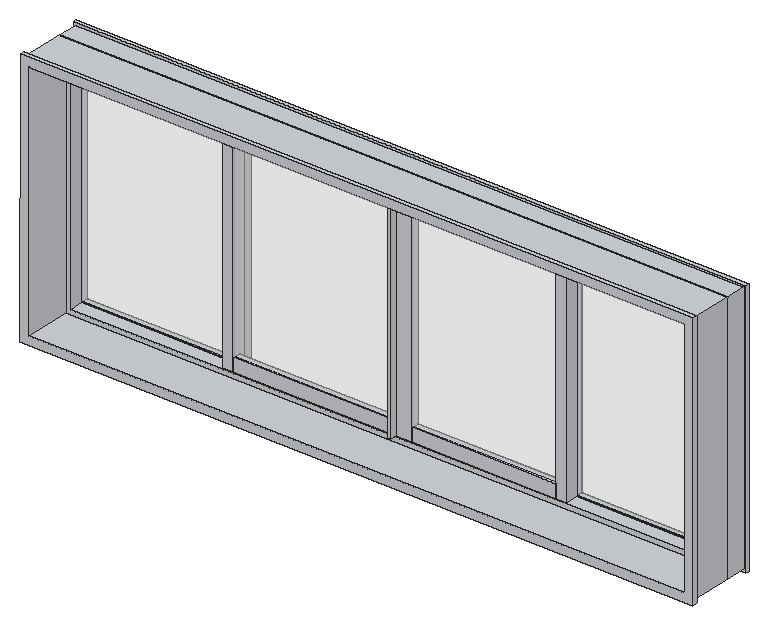
Revit family "APL Residential Thermal Heart Sliding Window FSSF", category Windows, host Wall, Revit 2017 (continued)
Definition of nested family "APL Residential Thermal Heart Sliding Window FSSF Horizontal Section"
  Definition of nested family "Interlocker"
    Definition of nested family "65420_Interlocker Mullion"
      Lines and regions (mm)
        model lines, in view "Ref. Level"
          curve 39: line (-27.309, 25.569, 0) -> (-26.544, 26.823, 0)
          curve 40: line (-26.544, 26.823, 0) -> (-26.5, 27.5, 0)
          curve 41: line (-26.75, 27.694, 0) -> (-27.5, 27.5, 0)
          curve 42: line (-27.475, 27.506, 0) -> (-30.753, 27.5, 0)
          curve 43: line (-31.5, 27.246, 0) -> (-30.957, 25.179, 0)
          curve 44: line (-30.957, 25.179, 0) -> (-30.648, 24.993, 0)
          curve 45: line (-30.559, 24.659, 0) -> (-30.922, 24.295, 0)
          curve 46: line (-31.108, 24.208, 0) -> (-33.474, 24.001, 0)
          curve 47: line (-33.782, 24.403, 0) -> (-33.268, 25.813, 0)
          curve 48: line (-33, 26.583, 0) -> (-33, 33.5, 0)
          curve 49: line (-33, 33.5, 0) -> (-32.6, 33.9, 0)
          curve 50: line (-32.6, 33.9, 0) -> (-33, 34.3, 0)
          curve 51: line (-33, 34.3, 0) -> (-33, 44.4, 0)
          curve 52: line (-33.2, 44.6, 0) -> (-44.5, 44.6, 0)
          curve 53: line (-44.5, 44.6, 0) -> (-44.5, 43.5, 0)
          curve 54: line (-45.5, 42.5, 0) -> (-46.25, 42.5, 0)
          curve 55: line (-46.25, 43.5, 0) -> (-45.5, 43.5, 0)
          curve 56: line (-45.5, 43.5, 0) -> (-45.5, 45, 0)
          curve 57: line (-45.5, 45, 0) -> (-51, 45, 0)
          curve 58: line (-51, 45, 0) -> (-51, 43.5, 0)
          curve 59: line (-51, 43.5, 0) -> (-50.25, 43.5, 0)
          curve 60: line (-50.25, 42.5, 0) -> (-51.8, 42.5, 0)
          curve 61: line (-52, 42.7, 0) -> (-52, 61.948, 0)
          curve 62: line (-51.5, 62.45, 0) -> (-49.183, 62.45, 0)
          curve 63: line (-48.413, 62.718, 0) -> (-47.003, 63.232, 0)
          curve 64: line (-46.601, 62.924, 0) -> (-46.808, 60.558, 0)
          curve 65: line (-46.895, 60.372, 0) -> (-47.259, 60.009, 0)
          curve 66: line (-47.593, 60.098, 0) -> (-47.638, 60.266, 0)
          curve 67: line (-47.638, 60.266, 0) -> (-49.768, 60.94, 0)
          curve 68: line (-49.768, 60.94, 0) -> (-50, 60.95, 0)
          curve 69: line (-50.1, 60.203, 0) -> (-50.1, 56.975, 0)
          curve 70: line (-50.1, 56.975, 0) -> (-50.294, 56.2, 0)
          curve 71: line (-50.1, 55.95, 0) -> (-49.579, 55.95, 0)
          curve 72: line (-49.579, 55.95, 0) -> (-48.169, 56.759, 0)
          curve 73: line (-47.6, 56.9, 0) -> (-47.6, 54.875, 0)
          curve 74: line (-47.696, 54.705, 0) -> (-50.261, 53.139, 0)
          curve 75: line (-50.5, 52.712, 0) -> (-50.5, 47, 0)
          curve 76: line (-50, 46.5, 0) -> (-45.5, 46.5, 0)
          curve 77: line (-44.405, 46.1, 0) -> (-33.2, 46.1, 0)
          curve 78: line (-31.5, 44.4, 0) -> (-31.5, 37.486, 0)
          curve 79: arc (-31.5, 37.486, 0) -> (-31.229, 37.041, 0) -> (-30.71, 37.078, 0) r 0.5
          curve 80: arc (-30.71, 37.078, 0) -> (-28.151, 37.789, 0) -> (-25.73, 36.695, 0) r 3.9
          curve 81: arc (-25.73, 36.695, 0) -> (-25.713, 35.422, 0) -> (-26.985, 35.405, 0) r 0.9
          curve 82: arc (-26.985, 35.405, 0) -> (-28.45, 36, 0) -> (-29.915, 35.405, 0) r 2.1
          curve 83: arc (-29.915, 35.405, 0) -> (-30.077, 35.28, 0) -> (-30.264, 35.194, 0) r 0.9
          curve 84: arc (-30.264, 35.194, 0) -> (-30.436, 35.097, 0) -> (-30.557, 34.94, 0) r 0.5
          curve 85: arc (-30.557, 34.94, 0) -> (-30.8, 33.9, 0) -> (-30.557, 32.86, 0) r 2.35
          curve 86: arc (-30.557, 32.86, 0) -> (-30.436, 32.703, 0) -> (-30.264, 32.606, 0) r 0.5
          curve 87: arc (-30.264, 32.606, 0) -> (-30.077, 32.52, 0) -> (-29.915, 32.395, 0) r 0.9
          curve 88: arc (-29.915, 32.395, 0) -> (-28.45, 31.8, 0) -> (-26.985, 32.395, 0) r 2.1
          curve 89: arc (-26.985, 32.395, 0) -> (-25.713, 32.378, 0) -> (-25.73, 31.105, 0) r 0.9
          curve 90: arc (-25.73, 31.105, 0) -> (-26.113, 30.778, 0) -> (-26.534, 30.503, 0) r 3.9
          curve 91: arc (-26.534, 30.503, 0) -> (-26.781, 29.979, 0) -> (-26.368, 29.574, 0) r 0.5
          curve 92: arc (-26.368, 29.574, 0) -> (-25.102, 28.862, 0) -> (-24.6, 27.5, 0) r 2.1
          curve 93: arc (-35.3, 56.85, 0) -> (-35.417, 56.567, 0) -> (-35.7, 56.45, 0) r 0.4
          curve 94: arc (-35.993, 56.45, 0) -> (-36.096, 56.464, 0) -> (-36.193, 56.504, 0) r 0.4
          curve 95: arc (-37.721, 57.389, 0) -> (-38.011, 57.509, 0) -> (-38.322, 57.55, 0) r 1.2
          curve 96: arc (-39.245, 57.55, 0) -> (-39.818, 57.731, 0) -> (-40.184, 58.208, 0) r 1
          curve 97: arc (-40.977, 60.387, 0) -> (-41.124, 60.578, 0) -> (-41.353, 60.65, 0) r 0.4
          curve 98: arc (-44.047, 60.65, 0) -> (-44.276, 60.578, 0) -> (-44.423, 60.387, 0) r 0.4
          curve 99: arc (-45.216, 58.208, 0) -> (-45.582, 57.731, 0) -> (-46.155, 57.55, 0) r 1
          curve 100: arc (-47.078, 57.55, 0) -> (-47.389, 57.509, 0) -> (-47.679, 57.389, 0) r 1.2
          curve 101: arc (-49.207, 56.504, 0) -> (-49.304, 56.464, 0) -> (-49.407, 56.45, 0) r 0.4
          curve 102: arc (-49.7, 56.45, 0) -> (-49.983, 56.567, 0) -> (-50.1, 56.85, 0) r 0.4
          curve 103: arc (-50.1, 60.25, 0) -> (-49.983, 60.533, 0) -> (-49.7, 60.65, 0) r 0.4
          curve 104: arc (-49.407, 60.65, 0) -> (-49.304, 60.636, 0) -> (-49.207, 60.596, 0) r 0.4
          curve 105: arc (-47.679, 59.711, 0) -> (-47.385, 59.59, 0) -> (-47.07, 59.55, 0) r 1.2
          curve 106: arc (-47.07, 59.55, 0) -> (-46.895, 59.603, 0) -> (-46.784, 59.747, 0) r 0.3
          curve 107: arc (-45.896, 62.187, 0) -> (-45.749, 62.378, 0) -> (-45.52, 62.45, 0) r 0.4
          curve 108: arc (-39.88, 62.45, 0) -> (-39.651, 62.378, 0) -> (-39.504, 62.187, 0) r 0.4
          curve 109: arc (-38.616, 59.747, 0) -> (-38.505, 59.603, 0) -> (-38.33, 59.55, 0) r 0.3
          curve 110: arc (-38.33, 59.55, 0) -> (-38.015, 59.59, 0) -> (-37.721, 59.711, 0) r 1.2
          curve 111: arc (-36.193, 60.596, 0) -> (-36.096, 60.636, 0) -> (-35.993, 60.65, 0) r 0.4
          curve 112: arc (-35.7, 60.65, 0) -> (-35.417, 60.533, 0) -> (-35.3, 60.25, 0) r 0.4
          curve 113: line (-35.7, 56.45, 0) -> (-35.993, 56.45, 0)
          curve 114: line (-36.193, 56.504, 0) -> (-37.721, 57.389, 0)
          curve 115: line (-38.322, 57.55, 0) -> (-39.245, 57.55, 0)
          curve 116: line (-40.184, 58.208, 0) -> (-40.977, 60.387, 0)
          curve 117: line (-41.353, 60.65, 0) -> (-44.047, 60.65, 0)
          curve 118: line (-44.423, 60.387, 0) -> (-45.216, 58.208, 0)
          curve 119: line (-46.155, 57.55, 0) -> (-47.078, 57.55, 0)
          curve 120: line (-47.679, 57.389, 0) -> (-49.207, 56.504, 0)
          curve 121: line (-49.407, 56.45, 0) -> (-49.7, 56.45, 0)
          curve 122: line (-50.1, 56.85, 0) -> (-50.1, 60.25, 0)
          curve 123: line (-49.7, 60.65, 0) -> (-49.407, 60.65, 0)
          curve 124: line (-49.207, 60.596, 0) -> (-47.679, 59.711, 0)
          curve 125: line (-46.784, 59.747, 0) -> (-45.896, 62.187, 0)
          curve 126: line (-45.52, 62.45, 0) -> (-39.88, 62.45, 0)
          curve 127: line (-39.504, 62.187, 0) -> (-38.616, 59.747, 0)
          curve 128: line (-37.721, 59.711, 0) -> (-36.193, 60.596, 0)
          curve 129: line (-35.993, 60.65, 0) -> (-35.7, 60.65, 0)
          curve 130: line (-35.3, 60.25, 0) -> (-35.3, 56.85, 0)
          curve 131: arc (-27.4, 27.5, 0) -> (-27.117, 27.383, 0) -> (-27, 27.1, 0) r 0.4
          curve 132: arc (-27, 26.807, 0) -> (-27.014, 26.704, 0) -> (-27.054, 26.607, 0) r 0.4
          curve 133: arc (-27.939, 25.079, 0) -> (-28.059, 24.789, 0) -> (-28.1, 24.478, 0) r 1.2
          curve 134: arc (-28.1, 23.555, 0) -> (-28.281, 22.982, 0) -> (-28.758, 22.616, 0) r 1
          curve 135: arc (-30.937, 21.823, 0) -> (-31.128, 21.676, 0) -> (-31.2, 21.447, 0) r 0.4
          curve 136: arc (-31.2, 18.753, 0) -> (-31.128, 18.524, 0) -> (-30.937, 18.377, 0) r 0.4
          curve 137: arc (-28.758, 17.584, 0) -> (-28.281, 17.218, 0) -> (-28.1, 16.645, 0) r 1
          curve 138: arc (-28.1, 15.722, 0) -> (-28.059, 15.411, 0) -> (-27.939, 15.121, 0) r 1.2
          curve 139: arc (-27.054, 13.593, 0) -> (-27.014, 13.496, 0) -> (-27, 13.393, 0) r 0.4
          curve 140: arc (-27, 13.1, 0) -> (-27.117, 12.817, 0) -> (-27.4, 12.7, 0) r 0.4
          curve 141: arc (-30.8, 12.7, 0) -> (-31.083, 12.817, 0) -> (-31.2, 13.1, 0) r 0.4
          curve 142: arc (-31.2, 13.393, 0) -> (-31.186, 13.496, 0) -> (-31.146, 13.593, 0) r 0.4
          curve 143: arc (-30.261, 15.121, 0) -> (-30.14, 15.415, 0) -> (-30.1, 15.73, 0) r 1.2
          curve 144: arc (-30.1, 15.73, 0) -> (-30.153, 15.905, 0) -> (-30.297, 16.016, 0) r 0.3
          curve 145: arc (-32.737, 16.904, 0) -> (-32.928, 17.051, 0) -> (-33, 17.28, 0) r 0.4
          curve 146: arc (-33, 22.92, 0) -> (-32.928, 23.149, 0) -> (-32.737, 23.296, 0) r 0.4
          curve 147: arc (-30.297, 24.184, 0) -> (-30.153, 24.295, 0) -> (-30.1, 24.47, 0) r 0.3
          curve 148: arc (-30.1, 24.47, 0) -> (-30.14, 24.785, 0) -> (-30.261, 25.079, 0) r 1.2
          curve 149: arc (-31.146, 26.607, 0) -> (-31.186, 26.704, 0) -> (-31.2, 26.807, 0) r 0.4
          curve 150: arc (-31.2, 27.1, 0) -> (-31.083, 27.383, 0) -> (-30.8, 27.5, 0) r 0.4
          curve 151: line (-27, 27.1, 0) -> (-27, 26.807, 0)
          curve 152: line (-27.054, 26.607, 0) -> (-27.939, 25.079, 0)
          curve 153: line (-28.1, 24.478, 0) -> (-28.1, 23.555, 0)
          curve 154: line (-28.758, 22.616, 0) -> (-30.937, 21.823, 0)
          curve 155: line (-31.2, 21.447, 0) -> (-31.2, 18.753, 0)
          curve 156: line (-30.937, 18.377, 0) -> (-28.758, 17.584, 0)
          curve 157: line (-28.1, 16.645, 0) -> (-28.1, 15.722, 0)
          curve 158: line (-27.939, 15.121, 0) -> (-27.054, 13.593, 0)
          curve 159: line (-27, 13.393, 0) -> (-27, 13.1, 0)
          curve 160: line (-27.4, 12.7, 0) -> (-30.8, 12.7, 0)
          curve 161: line (-31.2, 13.1, 0) -> (-31.2, 13.393, 0)
          curve 162: line (-31.146, 13.593, 0) -> (-30.261, 15.121, 0)
          curve 163: line (-30.297, 16.016, 0) -> (-32.737, 16.904, 0)
          curve 164: line (-33, 17.28, 0) -> (-33, 22.92, 0)
          curve 165: line (-32.737, 23.296, 0) -> (-30.297, 24.184, 0)
          curve 166: line (-30.261, 25.079, 0) -> (-31.146, 26.607, 0)
          curve 167: line (-31.2, 26.807, 0) -> (-31.2, 27.1, 0)
          curve 168: line (-30.8, 27.5, 0) -> (-27.4, 27.5, 0)
          curve 169: arc (-21.001, 10.8, 0) -> (-21.707, 10.507, 0) -> (-22, 9.8, 0) r 1
          curve 170: arc (-22, 3.501, 0) -> (-21.707, 2.793, 0) -> (-21, 2.5, 0) r 1
          curve 171: arc (-2.8, 2.5, 0) -> (-2.093, 2.793, 0) -> (-1.8, 3.5, 0) r 1
          curve 172: arc (-1.8, 9.8, 0) -> (-2.093, 10.507, 0) -> (-2.8, 10.8, 0) r 1
          curve 173: arc (-2.656, 30.548, 0) -> (-2.153, 30.553, 0) -> (-1.9, 30.119, 0) r 0.5
          curve 174: arc (-1.9, 13.7, 0) -> (-2.193, 12.993, 0) -> (-2.9, 12.7, 0) r 1
          curve 175: arc (-24.1, 12.7, 0) -> (-24.454, 12.846, 0) -> (-24.6, 13.2, 0) r 0.5
          curve 176: arc (-24.6, 14.698, 0) -> (-24.746, 15.053, 0) -> (-25.1, 15.2, 0) r 0.5
          curve 177: arc (-27.449, 15.2, 0) -> (-27.668, 15.073, 0) -> (-27.663, 14.82, 0) r 0.25
          curve 178: arc (-27.611, 14.734, 0) -> (-27.479, 14.628, 0) -> (-27.309, 14.631, 0) r 0.25
          curve 179: arc (-26.544, 13.377, 0) -> (-26.511, 13.302, 0) -> (-26.5, 13.221, 0) r 0.3
          curve 180: arc (-26.5, 12.7, 0) -> (-26.578, 12.542, 0) -> (-26.75, 12.506, 0) r 0.2
          curve 181: arc (-30.753, 12.7, 0) -> (-30.875, 12.674, 0) -> (-30.976, 12.6, 0) r 0.3
          curve 182: arc (-30.976, 12.6, 0) -> (-31.307, 12.52, 0) -> (-31.5, 12.8, 0) r 0.3
          curve 183: arc (-30.957, 15.021, 0) -> (-30.905, 15.11, 0) -> (-30.816, 15.162, 0) r 0.2
          curve 184: arc (-30.648, 15.207, 0) -> (-30.507, 15.348, 0) -> (-30.559, 15.541, 0) r 0.2
          curve 185: arc (-30.922, 15.905, 0) -> (-31.008, 15.965, 0) -> (-31.108, 15.992, 0) r 0.3
          curve 186: arc (-33.474, 16.199, 0) -> (-33.738, 16.083, 0) -> (-33.782, 15.797, 0) r 0.3
          curve 187: arc (-33.268, 14.387, 0) -> (-33.181, 14.261, 0) -> (-33.043, 14.195, 0) r 0.3
          curve 188: arc (-33.043, 14.195, 0) -> (-32.801, 13.922, 0) -> (-33, 13.617, 0) r 0.3
          curve 189: arc (-33, 9.5, 0) -> (-32.941, 9.359, 0) -> (-32.8, 9.3, 0) r 0.2
          curve 190: arc (-32.5, 9.3, 0) -> (-32.2, 9.38, 0) -> (-31.98, 9.6, 0) r 0.6
          curve 191: arc (-31.345, 10.7, 0) -> (-31.272, 10.773, 0) -> (-31.172, 10.8, 0) r 0.2
          curve 192: arc (-25, 10.8, 0) -> (-24.293, 10.507, 0) -> (-24, 9.8, 0) r 1
          curve 193: arc (-24, 2.463, 0) -> (-24.286, 1.763, 0) -> (-24.98, 1.463, 0) r 1
          curve 194: arc (-31.935, 1.322, 0) -> (-32.052, 1.357, 0) -> (-32.127, 1.453, 0) r 0.2
          curve 195: arc (-32.127, 1.453, 0) -> (-32.234, 1.621, 0) -> (-32.403, 1.725, 0) r 0.45
          curve 196: arc (-32.403, 1.725, 0) -> (-32.522, 1.729, 0) -> (-32.621, 1.665, 0) r 0.2
          curve 197: arc (-33, 0.2, 0) -> (-32.941, 0.059, 0) -> (-32.8, 0, 0) r 0.2
          curve 198: arc (-0.5, 0, 0) -> (-0.146, 0.146, 0) -> (0, 0.5, 0) r 0.5
          curve 199: arc (0, 70.3, 0) -> (-0.059, 70.441, 0) -> (-0.2, 70.5, 0) r 0.2
          curve 200: arc (-0.8, 70.5, 0) -> (-0.941, 70.441, 0) -> (-1, 70.3, 0) r 0.2
          curve 201: arc (-1, 69.7, 0) -> (-1.059, 69.559, 0) -> (-1.2, 69.5, 0) r 0.2
          curve 202: arc (-8.75, 69.5, 0) -> (-9.25, 69, 0) -> (-8.75, 68.5, 0) r 0.5
          curve 203: arc (-7.85, 68.5, 0) -> (-7.709, 68.441, 0) -> (-7.65, 68.3, 0) r 0.2
          curve 204: arc (-7.65, 67.2, 0) -> (-7.709, 67.059, 0) -> (-7.85, 67, 0) r 0.2
          curve 205: arc (-15.15, 67, 0) -> (-15.291, 67.059, 0) -> (-15.35, 67.2, 0) r 0.2
          curve 206: arc (-15.35, 68.3, 0) -> (-15.291, 68.441, 0) -> (-15.15, 68.5, 0) r 0.2
          curve 207: arc (-14.25, 68.5, 0) -> (-13.75, 69, 0) -> (-14.25, 69.5, 0) r 0.5
          curve 208: arc (-14.85, 69.5, 0) -> (-15.204, 69.646, 0) -> (-15.35, 70, 0) r 0.5
          curve 209: arc (-15.35, 70, 0) -> (-15.496, 70.354, 0) -> (-15.85, 70.5, 0) r 0.5
          curve 210: arc (-30.65, 70.5, 0) -> (-31.399, 69.779, 0) -> (-30.709, 69.002, 0) r 0.75
          curve 211: arc (-20.534, 68.077, 0) -> (-20.403, 68.013, 0) -> (-20.35, 67.877, 0) r 0.2
          curve 212: arc (-20.35, 67.25, 0) -> (-19.85, 66.75, 0) -> (-19.35, 67.25, 0) r 0.5
          curve 213: arc (-19.35, 67.8, 0) -> (-19.291, 67.941, 0) -> (-19.15, 68, 0) r 0.2
          curve 214: arc (-18.05, 68, 0) -> (-17.909, 67.941, 0) -> (-17.85, 67.8, 0) r 0.2
          curve 215: arc (-17.85, 62.7, 0) -> (-17.909, 62.559, 0) -> (-18.05, 62.5, 0) r 0.2
          curve 216: arc (-19.15, 62.5, 0) -> (-19.291, 62.559, 0) -> (-19.35, 62.7, 0) r 0.2
          curve 217: arc (-19.35, 63.25, 0) -> (-19.85, 63.75, 0) -> (-20.35, 63.25, 0) r 0.5
          curve 218: arc (-20.35, 62.65, 0) -> (-20.409, 62.509, 0) -> (-20.55, 62.45, 0) r 0.2
          curve 219: arc (-36.217, 62.45, 0) -> (-36.522, 62.251, 0) -> (-36.795, 62.493, 0) r 0.3
          curve 220: arc (-36.795, 62.493, 0) -> (-36.861, 62.631, 0) -> (-36.987, 62.718, 0) r 0.3
          curve 221: arc (-38.397, 63.232, 0) -> (-38.683, 63.188, 0) -> (-38.799, 62.924, 0) r 0.3
          curve 222: arc (-38.592, 60.558, 0) -> (-38.565, 60.458, 0) -> (-38.505, 60.372, 0) r 0.3
          curve 223: arc (-38.141, 60.009, 0) -> (-37.948, 59.957, 0) -> (-37.807, 60.098, 0) r 0.2
          curve 224: arc (-37.762, 60.266, 0) -> (-37.71, 60.355, 0) -> (-37.621, 60.407, 0) r 0.2
          curve 225: arc (-35.4, 60.95, 0) -> (-35.12, 60.757, 0) -> (-35.2, 60.426, 0) r 0.3
          curve 226: arc (-35.2, 60.426, 0) -> (-35.274, 60.325, 0) -> (-35.3, 60.203, 0) r 0.3
          curve 227: arc (-35.106, 56.2, 0) -> (-35.142, 56.028, 0) -> (-35.3, 55.95, 0) r 0.2
          curve 228: arc (-35.821, 55.95, 0) -> (-35.902, 55.961, 0) -> (-35.977, 55.994, 0) r 0.3
          curve 229: arc (-37.231, 56.759, 0) -> (-37.228, 56.929, 0) -> (-37.334, 57.061, 0) r 0.25
          curve 230: arc (-37.42, 57.113, 0) -> (-37.672, 57.118, 0) -> (-37.8, 56.9, 0) r 0.25
          curve 231: arc (-37.8, 54.875, 0) -> (-37.774, 54.778, 0) -> (-37.704, 54.705, 0) r 0.2
          curve 232: arc (-36.751, 54.123, 0) -> (-36.626, 54.069, 0) -> (-36.491, 54.05, 0) r 0.5
          curve 233: arc (-33.9, 54.05, 0) -> (-33.546, 54.196, 0) -> (-33.4, 54.55, 0) r 0.5
          curve 234: arc (-33.4, 59.15, 0) -> (-33.254, 59.504, 0) -> (-32.9, 59.65, 0) r 0.5
          curve 235: arc (-17.952, 59.65, 0) -> (-16.112, 60.411, 0) -> (-15.35, 62.25, 0) r 2.6
          curve 236: arc (-15.35, 64, 0) -> (-15.291, 64.141, 0) -> (-15.15, 64.2, 0) r 0.2
          curve 237: arc (-7.85, 64.2, 0) -> (-6.162, 64.792, 0) -> (-5.215, 66.309, 0) r 2.7
          curve 238: arc (-5.215, 66.309, 0) -> (-5.04, 66.59, 0) -> (-4.727, 66.7, 0) r 0.5
          curve 239: arc (-2.4, 66.7, 0) -> (-2.046, 66.554, 0) -> (-1.9, 66.2, 0) r 0.5
          curve 240: line (-22, 9.8, 0) -> (-22, 3.501, 0)
          curve 241: line (-21, 2.5, 0) -> (-2.8, 2.5, 0)
          curve 242: line (-1.8, 3.5, 0) -> (-1.8, 9.8, 0)
          curve 243: line (-2.8, 10.8, 0) -> (-21.001, 10.8, 0)
          curve 244: line (-1.9, 30.119, 0) -> (-1.9, 13.7, 0)
          curve 245: line (-2.9, 12.7, 0) -> (-24.1, 12.7, 0)
          curve 246: line (-24.6, 13.2, 0) -> (-24.6, 14.698, 0)
          curve 247: line (-25.1, 15.2, 0) -> (-27.449, 15.2, 0)
          curve 248: line (-27.309, 14.631, 0) -> (-26.544, 13.377, 0)
          curve 249: line (-26.544, 13.377, 0) -> (-26.5, 12.7, 0)
          curve 250: line (-26.75, 12.506, 0) -> (-27.475, 12.694, 0)
          curve 251: line (-27.475, 12.694, 0) -> (-30.753, 12.7, 0)
          curve 252: line (-31.5, 12.954, 0) -> (-30.957, 15.021, 0)
          curve 253: line (-30.957, 15.021, 0) -> (-30.648, 15.207, 0)
          curve 254: line (-30.559, 15.541, 0) -> (-30.922, 15.905, 0)
          curve 255: line (-31.108, 15.992, 0) -> (-33.474, 16.199, 0)
          curve 256: line (-33.782, 15.797, 0) -> (-33.268, 14.387, 0)
          curve 257: line (-33, 13.617, 0) -> (-33, 9.5, 0)
          curve 258: line (-32.8, 9.3, 0) -> (-32.5, 9.3, 0)
          curve 259: line (-31.98, 9.6, 0) -> (-31.345, 10.7, 0)
          curve 260: line (-31.172, 10.8, 0) -> (-25, 10.8, 0)
          curve 261: line (-24, 9.8, 0) -> (-24, 2.463, 0)
          curve 262: line (-24.98, 1.463, 0) -> (-31.935, 1.322, 0)
          curve 263: line (-32.621, 1.665, 0) -> (-32.953, 1.269, 0)
          curve 264: line (-32.953, 1.269, 0) -> (-33, 0.2, 0)
          curve 265: line (-32.8, 0, 0) -> (-0.5, 0, 0)
          curve 266: line (0, 0.5, 0) -> (0, 70.3, 0)
          curve 267: line (-0.2, 70.5, 0) -> (-0.8, 70.5, 0)
          curve 268: line (-1, 70.3, 0) -> (-1, 69.7, 0)
          curve 269: line (-1.2, 69.5, 0) -> (-8.75, 69.5, 0)
          curve 270: line (-8.75, 68.5, 0) -> (-7.85, 68.5, 0)
          curve 271: line (-7.65, 68.3, 0) -> (-7.65, 67.2, 0)
          curve 272: line (-7.85, 67, 0) -> (-15.15, 67, 0)
          curve 273: line (-15.35, 67.2, 0) -> (-15.35, 68.3, 0)
          curve 274: line (-15.15, 68.5, 0) -> (-14.25, 68.5, 0)
          curve 275: line (-14.25, 69.5, 0) -> (-14.85, 69.5, 0)
          curve 276: line (-15.85, 70.5, 0) -> (-30.65, 70.5, 0)
          curve 277: line (-30.709, 69.002, 0) -> (-20.534, 68.077, 0)
          curve 278: line (-20.35, 67.877, 0) -> (-20.35, 67.25, 0)
          curve 279: line (-19.35, 67.25, 0) -> (-19.35, 67.8, 0)
          curve 280: line (-19.15, 68, 0) -> (-18.05, 68, 0)
          curve 281: line (-17.85, 67.8, 0) -> (-17.85, 62.7, 0)
          curve 282: line (-18.05, 62.5, 0) -> (-19.15, 62.5, 0)
          curve 283: line (-19.35, 62.7, 0) -> (-19.35, 63.25, 0)
          curve 284: line (-20.35, 63.25, 0) -> (-20.35, 62.65, 0)
          curve 285: line (-20.55, 62.45, 0) -> (-36.217, 62.45, 0)
          curve 286: line (-36.987, 62.718, 0) -> (-38.397, 63.232, 0)
          curve 287: line (-38.799, 62.924, 0) -> (-38.592, 60.558, 0)
          curve 288: line (-38.505, 60.372, 0) -> (-38.141, 60.009, 0)
          curve 289: line (-37.807, 60.098, 0) -> (-37.762, 60.266, 0)
          curve 290: line (-37.762, 60.266, 0) -> (-35.632, 60.94, 0)
          curve 291: line (-35.632, 60.94, 0) -> (-35.4, 60.95, 0)
          curve 292: line (-35.3, 60.203, 0) -> (-35.3, 56.975, 0)
          curve 293: line (-35.3, 56.975, 0) -> (-35.106, 56.2, 0)
          curve 294: line (-35.3, 55.95, 0) -> (-35.821, 55.95, 0)
          curve 295: line (-35.821, 55.95, 0) -> (-37.231, 56.759, 0)
          curve 296: line (-37.8, 56.9, 0) -> (-37.8, 54.875, 0)
          curve 297: line (-37.704, 54.705, 0) -> (-36.751, 54.123, 0)
          curve 298: line (-36.491, 54.05, 0) -> (-33.9, 54.05, 0)
          curve 299: line (-33.4, 54.55, 0) -> (-33.4, 59.15, 0)
          curve 300: line (-32.9, 59.65, 0) -> (-17.952, 59.65, 0)
          curve 301: line (-15.35, 62.25, 0) -> (-15.35, 64, 0)
          curve 302: line (-15.15, 64.2, 0) -> (-7.85, 64.2, 0)
          curve 303: line (-4.727, 66.7, 0) -> (-2.4, 66.7, 0)
          curve 304: line (-1.9, 66.2, 0) -> (-1.9, 37.681, 0)
          curve 305: arc (-1.9, 37.681, 0) -> (-2.153, 37.247, 0) -> (-2.656, 37.252, 0) r 0.5
          curve 306: arc (-2.656, 37.252, 0) -> (-5.107, 37.773, 0) -> (-7.37, 36.695, 0) r 3.9
          curve 307: arc (-7.37, 36.695, 0) -> (-7.387, 35.422, 0) -> (-6.115, 35.405, 0) r 0.9
          curve 308: arc (-6.115, 35.405, 0) -> (-4.65, 36, 0) -> (-3.185, 35.405, 0) r 2.1
          curve 309: arc (-3.185, 35.405, 0) -> (-3.023, 35.28, 0) -> (-2.836, 35.194, 0) r 0.9
          curve 310: arc (-2.836, 35.194, 0) -> (-2.664, 35.097, 0) -> (-2.543, 34.94, 0) r 0.5
          curve 311: arc (-2.543, 34.94, 0) -> (-2.3, 33.9, 0) -> (-2.543, 32.86, 0) r 2.35
          curve 312: arc (-2.543, 32.86, 0) -> (-2.664, 32.703, 0) -> (-2.836, 32.606, 0) r 0.5
          curve 313: arc (-2.836, 32.606, 0) -> (-3.023, 32.52, 0) -> (-3.185, 32.395, 0) r 0.9
          curve 314: arc (-3.185, 32.395, 0) -> (-4.65, 31.8, 0) -> (-6.115, 32.395, 0) r 2.1
          curve 315: arc (-6.115, 32.395, 0) -> (-7.387, 32.378, 0) -> (-7.37, 31.105, 0) r 0.9
          curve 316: arc (-7.37, 31.105, 0) -> (-5.107, 30.027, 0) -> (-2.656, 30.548, 0) r 3.9
      Text (mm)
        text "65420" at (-82.532, 21.092, 0), in view "Ref. Level"
  Definition of nested family "Jamb Fixed"
    Reference planes
      plane 1 "Center (Front/Back)": y = 0
      plane 2: z = 0
      plane 3 "Center (Left/Right)": x = 0
    Lines and regions (mm)
      detail lines, in view "Ref. Level"
        curve 1: arc (34.145, 40.782, 0) -> (34.004, 40.472, 0) -> (34.304, 40.309, 0) r 0.25
        curve 2: arc (44.192, 40.336, 0) -> (44.491, 40.498, 0) -> (44.351, 40.808, 0) r 0.25
        curve 3: line (34.304, 40.309, 0) -> (38.171, 41.303, 0)
        curve 4: line (38.171, 41.303, 0) -> (38.75, 40.3, 0)
        curve 5: line (38.75, 40.3, 0) -> (39.75, 40.3, 0)
        curve 6: line (39.75, 40.3, 0) -> (40.342, 41.325, 0)
        curve 7: line (40.342, 41.325, 0) -> (44.192, 40.336, 0)
        curve 8: line (44.351, 40.808, 0) -> (40.25, 42.532, 0)
        curve 9: line (40.25, 42.532, 0) -> (40.25, 43.8, 0)
        curve 10: line (40.25, 43.8, 0) -> (41.5, 43.8, 0)
        curve 11: line (41.5, 43.8, 0) -> (41.5, 44.8, 0)
        curve 12: line (41.5, 44.8, 0) -> (37, 44.8, 0)
        curve 13: line (37, 44.8, 0) -> (37, 43.8, 0)
        curve 14: line (37, 43.8, 0) -> (38.25, 43.8, 0)
        curve 15: line (38.25, 43.8, 0) -> (38.25, 42.508, 0)
        curve 16: line (38.25, 42.508, 0) -> (34.145, 40.782, 0)
      detail lines, in view "Ref. Level", not visible
        curve 17: arc (33.161, -9.933, 0) -> (32.851, -9.793, 0) -> (32.689, -10.092, 0) r 0.25
        curve 18: arc (32.715, -19.98, 0) -> (32.877, -20.279, 0) -> (33.188, -20.139, 0) r 0.25
        curve 19: line (32.689, -10.092, 0) -> (33.683, -13.959, 0)
        curve 20: line (33.683, -13.959, 0) -> (32.679, -14.539, 0)
        curve 21: line (32.679, -14.539, 0) -> (32.679, -15.539, 0)
        curve 22: line (32.679, -15.539, 0) -> (33.705, -16.131, 0)
        curve 23: line (33.705, -16.131, 0) -> (32.715, -19.98, 0)
        curve 24: line (33.188, -20.139, 0) -> (34.912, -16.039, 0)
        curve 25: line (34.912, -16.039, 0) -> (36.179, -16.039, 0)
        curve 26: line (36.179, -16.039, 0) -> (36.179, -17.289, 0)
        curve 27: line (36.179, -17.289, 0) -> (37.179, -17.289, 0)
        curve 28: line (37.179, -17.289, 0) -> (37.179, -12.789, 0)
        curve 29: line (37.179, -12.789, 0) -> (36.179, -12.789, 0)
        curve 30: line (36.179, -12.789, 0) -> (36.179, -14.039, 0)
        curve 31: line (36.179, -14.039, 0) -> (34.887, -14.039, 0)
        curve 32: line (34.887, -14.039, 0) -> (33.161, -9.933, 0)
    Nested families
      nested 1: "65400_Jamb Fixed" at (43, 0, 0) x (0, 1, 0) z (0, 0, 1), type "65400_Jamb Fixed", in view "Ref. Level"
      nested 2: "65585_Infill" at (43, 110.375, 0) x (0, -1, 0) z (0, 0, 1), type "65585_Infill", in view "Ref. Level"
    Definition of nested family "65400_Jamb Fixed"
      Reference planes
        plane 1 "Center (Front/Back)": y = 0
        plane 2: z = 0
        plane 3 "Center (Left/Right)": x = 0
      Lines and regions (mm)
        detail lines, in view "Ref. Level"
          curve 1: arc (46.1, 18.8, 0) -> (45.602, 20.002, 0) -> (44.4, 20.5, 0) r 1.7
          curve 2: arc (29.9, 20.5, 0) -> (29.546, 20.646, 0) -> (29.4, 21, 0) r 0.5
          curve 3: arc (29.4, 34.099, 0) -> (29.546, 34.453, 0) -> (29.9, 34.6, 0) r 0.5
          curve 4: arc (36.605, 34.6, 0) -> (37.013, 34.521, 0) -> (37.363, 34.296, 0) r 1.1
          curve 5: arc (37.363, 34.296, 0) -> (38.199, 33.684, 0) -> (39.189, 33.379, 0) r 3.126
          curve 6: arc (62.286, 32.2, 0) -> (62.738, 31.881, 0) -> (63.285, 31.958, 0) r 0.75
          curve 7: arc (63.285, 31.958, 0) -> (64.2, 32.2, 0) -> (65.115, 31.958, 0) r 1.85
          curve 8: arc (65.115, 31.958, 0) -> (65.281, 31.888, 0) -> (65.459, 31.86, 0) r 0.75
          curve 9: arc (65.459, 31.86, 0) -> (65.663, 31.808, 0) -> (65.828, 31.676, 0) r 0.5
          curve 10: arc (65.828, 31.676, 0) -> (66.3, 30.35, 0) -> (65.828, 29.024, 0) r 2.1
          curve 11: arc (65.828, 29.024, 0) -> (65.663, 28.892, 0) -> (65.459, 28.84, 0) r 0.5
          curve 12: arc (65.459, 28.84, 0) -> (65.281, 28.812, 0) -> (65.115, 28.742, 0) r 0.75
          curve 13: arc (65.115, 28.742, 0) -> (63.721, 28.563, 0) -> (62.604, 29.415, 0) r 1.85
          curve 14: arc (62.604, 29.415, 0) -> (61.577, 29.683, 0) -> (61.309, 28.657, 0) r 0.75
          curve 15: arc (61.309, 28.657, 0) -> (62.349, 27.558, 0) -> (63.765, 27.028, 0) r 3.35
          curve 16: arc (63.765, 27.028, 0) -> (64.076, 26.862, 0) -> (64.2, 26.533, 0) r 0.5
          curve 17: arc (64.2, 17.483, 0) -> (64.489, 15.565, 0) -> (65.33, 13.818, 0) r 6.5
          curve 18: arc (65.33, 13.818, 0) -> (65.978, 12.474, 0) -> (66.2, 11, 0) r 5
          curve 19: arc (66.2, 1.9, 0) -> (66.054, 1.546, 0) -> (65.7, 1.4, 0) r 0.5
          curve 20: arc (47, 1.4, 0) -> (46.646, 1.546, 0) -> (46.5, 1.9, 0) r 0.5
          curve 21: arc (46.5, 6.5, 0) -> (46.396, 7.048, 0) -> (46.1, 7.52, 0) r 1.5
          curve 22: arc (24.183, 34.774, 0) -> (24.053, 34.838, 0) -> (24, 34.973, 0) r 0.2
          curve 23: arc (24.399, 37.321, 0) -> (24.668, 37.608, 0) -> (25.06, 37.613, 0) r 0.5
          curve 24: arc (25.06, 37.613, 0) -> (25.236, 37.7, 0) -> (25.42, 37.633, 0) r 0.25
          curve 25: arc (25.42, 37.633, 0) -> (25.563, 37.502, 0) -> (25.569, 37.309, 0) r 0.25
          curve 26: arc (26.823, 36.544, 0) -> (26.898, 36.511, 0) -> (26.979, 36.5, 0) r 0.3
          curve 27: arc (27.5, 36.5, 0) -> (27.658, 36.578, 0) -> (27.694, 36.75, 0) r 0.2
          curve 28: arc (27.5, 40.753, 0) -> (27.526, 40.875, 0) -> (27.6, 40.976, 0) r 0.3
          curve 29: arc (27.6, 40.976, 0) -> (27.664, 41.343, 0) -> (27.322, 41.49, 0) r 0.3
          curve 30: arc (25.179, 40.957, 0) -> (25.09, 40.905, 0) -> (25.038, 40.816, 0) r 0.2
          curve 31: arc (24.993, 40.648, 0) -> (24.852, 40.507, 0) -> (24.659, 40.559, 0) r 0.2
          curve 32: arc (24.295, 40.922, 0) -> (24.235, 41.008, 0) -> (24.208, 41.108, 0) r 0.3
          curve 33: arc (24.001, 43.474, 0) -> (24.117, 43.738, 0) -> (24.403, 43.782, 0) r 0.3
          curve 34: arc (25.813, 43.268, 0) -> (25.939, 43.181, 0) -> (26.005, 43.043, 0) r 0.3
          curve 35: arc (26.005, 43.043, 0) -> (26.278, 42.801, 0) -> (26.583, 43, 0) r 0.3
          curve 36: arc (28.9, 43, 0) -> (29.254, 42.854, 0) -> (29.4, 42.5, 0) r 0.5
          curve 37: arc (29.4, 36.9, 0) -> (29.546, 36.546, 0) -> (29.9, 36.4, 0) r 0.499
          curve 38: arc (37.767, 36.4, 0) -> (38.931, 36.165, 0) -> (39.913, 35.497, 0) r 2.996
          curve 39: arc (39.913, 35.497, 0) -> (40.232, 35.27, 0) -> (40.611, 35.169, 0) r 1.1
          curve 40: arc (68.1, 34.1, 0) -> (68.241, 34.159, 0) -> (68.3, 34.3, 0) r 0.2
          curve 41: arc (68.3, 42.5, 0) -> (68.446, 42.854, 0) -> (68.8, 43, 0) r 0.5
          curve 42: arc (71.117, 43, 0) -> (71.422, 42.801, 0) -> (71.695, 43.043, 0) r 0.3
          curve 43: arc (71.695, 43.043, 0) -> (71.761, 43.181, 0) -> (71.887, 43.268, 0) r 0.3
          curve 44: arc (73.297, 43.782, 0) -> (73.583, 43.738, 0) -> (73.699, 43.474, 0) r 0.3
          curve 45: arc (73.492, 41.108, 0) -> (73.465, 41.008, 0) -> (73.405, 40.922, 0) r 0.3
          curve 46: arc (73.041, 40.559, 0) -> (72.848, 40.507, 0) -> (72.707, 40.648, 0) r 0.2
          curve 47: arc (72.662, 40.816, 0) -> (72.61, 40.905, 0) -> (72.521, 40.957, 0) r 0.2
          curve 48: arc (70.378, 41.49, 0) -> (70.036, 41.343, 0) -> (70.1, 40.976, 0) r 0.3
          curve 49: arc (70.1, 40.976, 0) -> (70.174, 40.875, 0) -> (70.2, 40.753, 0) r 0.3
          curve 50: arc (70.006, 36.75, 0) -> (70.042, 36.578, 0) -> (70.2, 36.5, 0) r 0.2
          curve 51: arc (70.721, 36.5, 0) -> (70.802, 36.511, 0) -> (70.877, 36.544, 0) r 0.3
          curve 52: arc (72.131, 37.309, 0) -> (72.137, 37.502, 0) -> (72.28, 37.633, 0) r 0.25
          curve 53: arc (72.28, 37.633, 0) -> (72.55, 37.679, 0) -> (72.7, 37.45, 0) r 0.25
          curve 54: arc (72.7, 35.876, 0) -> (72.618, 35.478, 0) -> (72.385, 35.146, 0) r 1
          curve 55: arc (72.385, 35.146, 0) -> (72.322, 35, 0) -> (72.385, 34.854, 0) r 0.2
          curve 56: arc (72.385, 34.854, 0) -> (72.618, 34.523, 0) -> (72.7, 34.126, 0) r 1
          curve 57: arc (72.7, 32.551, 0) -> (72.573, 32.332, 0) -> (72.32, 32.337, 0) r 0.25
          curve 58: arc (72.234, 32.389, 0) -> (72.128, 32.521, 0) -> (72.131, 32.691, 0) r 0.25
          curve 59: arc (70.877, 33.456, 0) -> (70.802, 33.489, 0) -> (70.721, 33.5, 0) r 0.3
          curve 60: arc (70.2, 33.5, 0) -> (70.042, 33.422, 0) -> (70.006, 33.25, 0) r 0.2
          curve 61: arc (70.2, 29.247, 0) -> (70.174, 29.124, 0) -> (70.1, 29.024, 0) r 0.3
          curve 62: arc (70.1, 29.024, 0) -> (70.02, 28.693, 0) -> (70.3, 28.5, 0) r 0.3
          curve 63: arc (72.521, 29.043, 0) -> (72.61, 29.095, 0) -> (72.662, 29.184, 0) r 0.2
          curve 64: arc (72.707, 29.352, 0) -> (72.848, 29.493, 0) -> (73.041, 29.441, 0) r 0.2
          curve 65: arc (73.405, 29.078, 0) -> (73.465, 28.992, 0) -> (73.492, 28.892, 0) r 0.3
          curve 66: arc (73.699, 26.526, 0) -> (73.583, 26.262, 0) -> (73.297, 26.218, 0) r 0.3
          curve 67: arc (71.887, 26.732, 0) -> (71.761, 26.819, 0) -> (71.695, 26.957, 0) r 0.3
          curve 68: arc (71.695, 26.957, 0) -> (71.422, 27.199, 0) -> (71.117, 27, 0) r 0.3
          curve 69: arc (66.201, 27, 0) -> (65.847, 26.854, 0) -> (65.7, 26.5, 0) r 0.5
          curve 70: arc (65.7, 17.481, 0) -> (65.922, 16.006, 0) -> (66.57, 14.663, 0) r 5
          curve 71: arc (66.57, 14.663, 0) -> (67.411, 12.917, 0) -> (67.7, 11, 0) r 6.5
          curve 72: arc (67.7, 9.9, 0) -> (67.759, 9.759, 0) -> (67.9, 9.7, 0) r 0.2
          curve 73: arc (69.3, 9.7, 0) -> (69.441, 9.759, 0) -> (69.5, 9.9, 0) r 0.2
          curve 74: arc (69.5, 10.2, 0) -> (70, 10.701, 0) -> (70.5, 10.2, 0) r 0.5
          curve 75: arc (70.5, 7.649, 0) -> (69.999, 7.15, 0) -> (69.5, 7.65, 0) r 0.5
          curve 76: arc (69.5, 8.5, 0) -> (69.441, 8.641, 0) -> (69.3, 8.7, 0) r 0.2
          curve 77: arc (67.9, 8.7, 0) -> (67.759, 8.641, 0) -> (67.7, 8.5, 0) r 0.2
          curve 78: arc (67.7, 1.2, 0) -> (67.759, 1.059, 0) -> (67.9, 1, 0) r 0.2
          curve 79: arc (69.3, 1, 0) -> (69.441, 1.059, 0) -> (69.5, 1.2, 0) r 0.2
          curve 80: arc (69.5, 2.05, 0) -> (70, 2.551, 0) -> (70.5, 2.05, 0) r 0.5
          curve 81: arc (70.5, 0.501, 0) -> (70.354, 0.147, 0) -> (70, 0, 0) r 0.5
          curve 82: arc (42.7, 0, 0) -> (42.559, 0.059, 0) -> (42.5, 0.2, 0) r 0.2
          curve 83: arc (42.5, 1.75, 0) -> (43, 2.251, 0) -> (43.5, 1.75, 0) r 0.5
          curve 84: arc (43.5, 1.2, 0) -> (43.559, 1.059, 0) -> (43.7, 1, 0) r 0.2
          curve 85: arc (44.8, 1, 0) -> (44.941, 1.059, 0) -> (45, 1.2, 0) r 0.2
          curve 86: arc (45, 6.3, 0) -> (44.941, 6.441, 0) -> (44.8, 6.5, 0) r 0.2
          curve 87: arc (43.7, 6.5, 0) -> (43.559, 6.441, 0) -> (43.5, 6.3, 0) r 0.2
          curve 88: arc (43.5, 5.75, 0) -> (43, 5.251, 0) -> (42.5, 5.75, 0) r 0.5
          curve 89: arc (42.5, 6.5, 0) -> (42.793, 7.207, 0) -> (43.5, 7.5, 0) r 1
          curve 90: arc (44.395, 7.5, 0) -> (44.539, 7.557, 0) -> (44.6, 7.7, 0) r 0.202
          curve 91: arc (44.6, 18.8, 0) -> (44.538, 18.942, 0) -> (44.395, 19, 0) r 0.205
          curve 92: arc (26.583, 19, 0) -> (26.278, 19.199, 0) -> (26.005, 18.957, 0) r 0.3
          curve 93: arc (26.005, 18.957, 0) -> (25.939, 18.819, 0) -> (25.813, 18.732, 0) r 0.3
          curve 94: arc (24.403, 18.218, 0) -> (24.117, 18.262, 0) -> (24.001, 18.526, 0) r 0.3
          curve 95: arc (24.208, 20.892, 0) -> (24.235, 20.992, 0) -> (24.295, 21.078, 0) r 0.3
          curve 96: arc (24.659, 21.441, 0) -> (24.852, 21.493, 0) -> (24.993, 21.352, 0) r 0.2
          curve 97: arc (25.038, 21.184, 0) -> (25.09, 21.095, 0) -> (25.179, 21.043, 0) r 0.2
          curve 98: arc (27.322, 20.51, 0) -> (27.664, 20.657, 0) -> (27.6, 21.024, 0) r 0.3
          curve 99: arc (27.6, 21.024, 0) -> (27.526, 21.125, 0) -> (27.5, 21.247, 0) r 0.3
          curve 100: arc (27.694, 25.25, 0) -> (27.658, 25.422, 0) -> (27.5, 25.5, 0) r 0.2
          curve 101: arc (26.979, 25.5, 0) -> (26.898, 25.489, 0) -> (26.823, 25.456, 0) r 0.3
          curve 102: arc (25.569, 24.691, 0) -> (25.563, 24.498, 0) -> (25.42, 24.367, 0) r 0.25
          curve 103: arc (25.42, 24.367, 0) -> (25.15, 24.321, 0) -> (25, 24.55, 0) r 0.25
          curve 104: arc (25, 26.126, 0) -> (25.128, 26.615, 0) -> (25.479, 26.979, 0) r 1
          curve 105: line (46.1, 7.52, 0) -> (46.1, 18.8, 0)
          curve 106: line (44.4, 20.5, 0) -> (29.9, 20.5, 0)
          curve 107: line (29.4, 21, 0) -> (29.4, 34.099, 0)
          curve 108: line (29.9, 34.6, 0) -> (36.605, 34.6, 0)
          curve 109: line (39.189, 33.379, 0) -> (53.629, 32.2, 0)
          curve 110: line (53.629, 32.2, 0) -> (62.286, 32.2, 0)
          curve 111: line (64.2, 26.533, 0) -> (64.2, 17.483, 0)
          curve 112: line (66.2, 11, 0) -> (66.2, 1.9, 0)
          curve 113: line (65.7, 1.4, 0) -> (47, 1.4, 0)
          curve 114: line (46.5, 1.9, 0) -> (46.5, 6.5, 0)
          curve 115: line (27.317, 34.499, 0) -> (24.183, 34.774, 0)
          curve 116: line (24, 34.973, 0) -> (24, 36.224, 0)
          curve 117: line (24, 36.224, 0) -> (24.399, 37.321, 0)
          curve 118: line (25.569, 37.309, 0) -> (26.823, 36.544, 0)
          curve 119: line (26.979, 36.5, 0) -> (27.5, 36.5, 0)
          curve 120: line (27.694, 36.75, 0) -> (27.5, 37.5, 0)
          curve 121: line (27.5, 37.525, 0) -> (27.5, 40.753, 0)
          curve 122: line (27.312, 41.528, 0) -> (25.179, 40.957, 0)
          curve 123: line (25.038, 40.816, 0) -> (24.993, 40.648, 0)
          curve 124: line (24.659, 40.559, 0) -> (24.295, 40.922, 0)
          curve 125: line (24.208, 41.108, 0) -> (24.001, 43.474, 0)
          curve 126: line (24.403, 43.782, 0) -> (25.813, 43.268, 0)
          curve 127: line (26.583, 43, 0) -> (28.9, 43, 0)
          curve 128: line (29.4, 42.5, 0) -> (29.4, 36.9, 0)
          curve 129: line (29.9, 36.4, 0) -> (33.5, 36.4, 0)
          curve 130: line (33.5, 36.4, 0) -> (33.9, 36, 0)
          curve 131: line (33.9, 36, 0) -> (34.3, 36.4, 0)
          curve 132: line (34.3, 36.4, 0) -> (37.767, 36.4, 0)
          curve 133: line (40.611, 35.169, 0) -> (53.707, 34.1, 0)
          curve 134: line (53.707, 34.1, 0) -> (58.307, 34.1, 0)
          curve 135: line (58.307, 34.1, 0) -> (58.707, 33.7, 0)
          curve 136: line (58.707, 33.7, 0) -> (59.107, 34.1, 0)
          curve 137: line (59.107, 34.1, 0) -> (68.1, 34.1, 0)
          curve 138: line (68.3, 34.3, 0) -> (68.3, 42.5, 0)
          curve 139: line (68.8, 43, 0) -> (71.117, 43, 0)
          curve 140: line (71.887, 43.268, 0) -> (73.297, 43.782, 0)
          curve 141: line (73.699, 43.474, 0) -> (73.492, 41.108, 0)
          curve 142: line (73.405, 40.922, 0) -> (73.041, 40.559, 0)
          curve 143: line (72.707, 40.648, 0) -> (72.662, 40.816, 0)
          curve 144: line (72.521, 40.957, 0) -> (70.388, 41.528, 0)
          curve 145: line (70.2, 40.753, 0) -> (70.2, 37.525, 0)
          curve 146: line (70.2, 37.5, 0) -> (70.006, 36.75, 0)
          curve 147: line (70.2, 36.5, 0) -> (70.721, 36.5, 0)
          curve 148: line (70.877, 36.544, 0) -> (72.131, 37.309, 0)
          curve 149: line (72.7, 37.45, 0) -> (72.7, 35.876, 0)
          curve 150: line (72.7, 34.126, 0) -> (72.7, 32.551, 0)
          curve 151: line (72.131, 32.691, 0) -> (70.877, 33.456, 0)
          curve 152: line (70.721, 33.5, 0) -> (70.2, 33.5, 0)
          curve 153: line (70.006, 33.25, 0) -> (70.2, 32.5, 0)
          curve 154: line (70.2, 32.475, 0) -> (70.2, 29.247, 0)
          curve 155: line (70.532, 28.51, 0) -> (72.521, 29.043, 0)
          curve 156: line (72.662, 29.184, 0) -> (72.707, 29.352, 0)
          curve 157: line (73.041, 29.441, 0) -> (73.405, 29.078, 0)
          curve 158: line (73.492, 28.892, 0) -> (73.699, 26.526, 0)
          curve 159: line (73.297, 26.218, 0) -> (71.887, 26.732, 0)
          curve 160: line (71.117, 27, 0) -> (66.201, 27, 0)
          curve 161: line (65.7, 26.5, 0) -> (65.7, 17.481, 0)
          curve 162: line (67.7, 11, 0) -> (67.7, 9.9, 0)
          curve 163: line (67.9, 9.7, 0) -> (69.3, 9.7, 0)
          curve 164: line (69.5, 9.9, 0) -> (69.5, 10.2, 0)
          curve 165: line (70.5, 10.2, 0) -> (70.5, 7.649, 0)
          curve 166: line (69.5, 7.65, 0) -> (69.5, 8.5, 0)
          curve 167: line (69.3, 8.7, 0) -> (67.9, 8.7, 0)
          curve 168: line (67.7, 8.5, 0) -> (67.7, 1.2, 0)
          curve 169: line (67.9, 1, 0) -> (69.3, 1, 0)
          curve 170: line (69.5, 1.2, 0) -> (69.5, 2.05, 0)
          curve 171: line (70.5, 2.05, 0) -> (70.5, 0.501, 0)
          curve 172: line (70, 0, 0) -> (42.7, 0, 0)
          curve 173: line (42.5, 0.2, 0) -> (42.5, 1.75, 0)
          curve 174: line (43.5, 1.75, 0) -> (43.5, 1.2, 0)
          curve 175: line (43.7, 1, 0) -> (44.8, 1, 0)
          curve 176: line (45, 1.2, 0) -> (45, 6.3, 0)
          curve 177: line (44.8, 6.5, 0) -> (43.7, 6.5, 0)
          curve 178: line (43.5, 6.3, 0) -> (43.5, 5.75, 0)
          curve 179: line (42.5, 5.75, 0) -> (42.5, 6.5, 0)
          curve 180: line (43.5, 7.5, 0) -> (44.395, 7.5, 0)
          curve 181: line (44.6, 7.7, 0) -> (44.6, 18.8, 0)
          curve 182: line (44.395, 19, 0) -> (34.3, 19, 0)
          curve 183: line (34.3, 19, 0) -> (33.9, 19.4, 0)
          curve 184: line (33.9, 19.4, 0) -> (33.5, 19, 0)
          curve 185: line (33.5, 19, 0) -> (26.583, 19, 0)
          curve 186: line (25.813, 18.732, 0) -> (24.403, 18.218, 0)
          curve 187: line (24.001, 18.526, 0) -> (24.208, 20.892, 0)
          curve 188: line (24.295, 21.078, 0) -> (24.659, 21.441, 0)
          curve 189: line (24.993, 21.352, 0) -> (25.038, 21.184, 0)
          curve 190: line (25.179, 21.043, 0) -> (27.312, 20.472, 0)
          curve 191: line (27.5, 21.247, 0) -> (27.5, 24.475, 0)
          curve 192: line (27.5, 24.5, 0) -> (27.694, 25.25, 0)
          curve 193: line (27.5, 25.5, 0) -> (26.979, 25.5, 0)
          curve 194: line (26.823, 25.456, 0) -> (25.569, 24.691, 0)
          curve 195: line (25, 24.55, 0) -> (25, 26.126, 0)
          curve 196: line (25.479, 26.979, 0) -> (26.284, 27.471, 0)
          curve 197: line (26.389, 27.5, 0) -> (27.5, 27.5, 0)
          curve 198: line (27.5, 27.5, 0) -> (27.5, 34.3, 0)
          curve 199: arc (27.5, 34.3, 0) -> (27.447, 34.435, 0) -> (27.317, 34.499, 0) r 0.2
          curve 200: arc (70.2, 32.6, 0) -> (70.317, 32.883, 0) -> (70.6, 33, 0) r 0.4
          curve 201: arc (70.893, 33, 0) -> (70.996, 32.986, 0) -> (71.093, 32.946, 0) r 0.4
          curve 202: arc (72.621, 32.061, 0) -> (72.911, 31.941, 0) -> (73.222, 31.9, 0) r 1.2
          curve 203: arc (74.145, 31.9, 0) -> (74.718, 31.719, 0) -> (75.084, 31.242, 0) r 1
          curve 204: arc (75.877, 29.063, 0) -> (76.024, 28.872, 0) -> (76.253, 28.8, 0) r 0.4
          curve 205: arc (78.947, 28.8, 0) -> (79.176, 28.872, 0) -> (79.323, 29.063, 0) r 0.4
          curve 206: arc (80.116, 31.242, 0) -> (80.482, 31.719, 0) -> (81.055, 31.9, 0) r 1
          curve 207: arc (81.978, 31.9, 0) -> (82.289, 31.941, 0) -> (82.579, 32.061, 0) r 1.2
          curve 208: arc (84.107, 32.946, 0) -> (84.204, 32.986, 0) -> (84.307, 33, 0) r 0.4
          curve 209: arc (84.6, 33, 0) -> (84.883, 32.883, 0) -> (85, 32.6, 0) r 0.4
          curve 210: arc (85, 29.2, 0) -> (84.883, 28.917, 0) -> (84.6, 28.8, 0) r 0.4
          curve 211: arc (84.307, 28.8, 0) -> (84.204, 28.814, 0) -> (84.107, 28.854, 0) r 0.4
          curve 212: arc (82.579, 29.739, 0) -> (82.285, 29.86, 0) -> (81.97, 29.9, 0) r 1.2
          curve 213: arc (81.97, 29.9, 0) -> (81.795, 29.847, 0) -> (81.684, 29.703, 0) r 0.3
          curve 214: arc (80.796, 27.263, 0) -> (80.649, 27.072, 0) -> (80.42, 27, 0) r 0.4
          curve 215: arc (74.78, 27, 0) -> (74.551, 27.072, 0) -> (74.404, 27.263, 0) r 0.4
          curve 216: arc (73.516, 29.703, 0) -> (73.405, 29.847, 0) -> (73.23, 29.9, 0) r 0.3
          curve 217: arc (73.23, 29.9, 0) -> (72.915, 29.86, 0) -> (72.621, 29.739, 0) r 1.2
          curve 218: arc (71.093, 28.854, 0) -> (70.996, 28.814, 0) -> (70.893, 28.8, 0) r 0.4
          curve 219: arc (70.6, 28.8, 0) -> (70.317, 28.917, 0) -> (70.2, 29.2, 0) r 0.4
          curve 220: line (70.6, 33, 0) -> (70.893, 33, 0)
          curve 221: line (71.093, 32.946, 0) -> (72.621, 32.061, 0)
          curve 222: line (73.222, 31.9, 0) -> (74.145, 31.9, 0)
          curve 223: line (75.084, 31.242, 0) -> (75.877, 29.063, 0)
          curve 224: line (76.253, 28.8, 0) -> (78.947, 28.8, 0)
          curve 225: line (79.323, 29.063, 0) -> (80.116, 31.242, 0)
          curve 226: line (81.055, 31.9, 0) -> (81.978, 31.9, 0)
          curve 227: line (82.579, 32.061, 0) -> (84.107, 32.946, 0)
          curve 228: line (84.307, 33, 0) -> (84.6, 33, 0)
          curve 229: line (85, 32.6, 0) -> (85, 29.2, 0)
          curve 230: line (84.6, 28.8, 0) -> (84.307, 28.8, 0)
          curve 231: line (84.107, 28.854, 0) -> (82.579, 29.739, 0)
          curve 232: line (81.684, 29.703, 0) -> (80.796, 27.263, 0)
          curve 233: line (80.42, 27, 0) -> (74.78, 27, 0)
          curve 234: line (74.404, 27.263, 0) -> (73.516, 29.703, 0)
          curve 235: line (72.621, 29.739, 0) -> (71.093, 28.854, 0)
          curve 236: line (70.893, 28.8, 0) -> (70.6, 28.8, 0)
          curve 237: line (70.2, 29.2, 0) -> (70.2, 32.6, 0)
          curve 238: arc (70.2, 37.4, 0) -> (70.317, 37.117, 0) -> (70.6, 37, 0) r 0.4
          curve 239: arc (70.893, 37, 0) -> (70.996, 37.014, 0) -> (71.093, 37.054, 0) r 0.4
          curve 240: arc (72.621, 37.939, 0) -> (72.911, 38.059, 0) -> (73.222, 38.1, 0) r 1.2
          curve 241: arc (74.145, 38.1, 0) -> (74.718, 38.281, 0) -> (75.084, 38.758, 0) r 1
          curve 242: arc (75.877, 40.937, 0) -> (76.024, 41.128, 0) -> (76.253, 41.2, 0) r 0.4
          curve 243: arc (78.947, 41.2, 0) -> (79.176, 41.128, 0) -> (79.323, 40.937, 0) r 0.4
          curve 244: arc (80.116, 38.758, 0) -> (80.482, 38.281, 0) -> (81.055, 38.1, 0) r 1
          curve 245: arc (81.978, 38.1, 0) -> (82.289, 38.059, 0) -> (82.579, 37.939, 0) r 1.2
          curve 246: arc (84.107, 37.054, 0) -> (84.204, 37.014, 0) -> (84.307, 37, 0) r 0.4
          curve 247: arc (84.6, 37, 0) -> (84.883, 37.117, 0) -> (85, 37.4, 0) r 0.4
          curve 248: arc (85, 40.8, 0) -> (84.883, 41.083, 0) -> (84.6, 41.2, 0) r 0.4
          curve 249: arc (84.307, 41.2, 0) -> (84.204, 41.186, 0) -> (84.107, 41.146, 0) r 0.4
          curve 250: arc (82.579, 40.262, 0) -> (82.285, 40.14, 0) -> (81.97, 40.1, 0) r 1.2
          curve 251: arc (81.97, 40.1, 0) -> (81.795, 40.153, 0) -> (81.684, 40.297, 0) r 0.3
          curve 252: arc (80.796, 42.737, 0) -> (80.649, 42.928, 0) -> (80.42, 43, 0) r 0.4
          curve 253: arc (74.78, 43, 0) -> (74.551, 42.928, 0) -> (74.404, 42.737, 0) r 0.4
          curve 254: arc (73.516, 40.297, 0) -> (73.405, 40.153, 0) -> (73.23, 40.1, 0) r 0.3
          curve 255: arc (73.23, 40.1, 0) -> (72.915, 40.14, 0) -> (72.621, 40.262, 0) r 1.2
          curve 256: arc (71.093, 41.146, 0) -> (70.996, 41.186, 0) -> (70.893, 41.2, 0) r 0.4
          curve 257: arc (70.6, 41.2, 0) -> (70.317, 41.083, 0) -> (70.2, 40.8, 0) r 0.4
          curve 258: line (70.6, 37, 0) -> (70.893, 37, 0)
          curve 259: line (71.093, 37.054, 0) -> (72.621, 37.939, 0)
          curve 260: line (73.222, 38.1, 0) -> (74.145, 38.1, 0)
          curve 261: line (75.084, 38.758, 0) -> (75.877, 40.937, 0)
          curve 262: line (76.253, 41.2, 0) -> (78.947, 41.2, 0)
          curve 263: line (79.323, 40.937, 0) -> (80.116, 38.758, 0)
          curve 264: line (81.055, 38.1, 0) -> (81.978, 38.1, 0)
          curve 265: line (82.579, 37.939, 0) -> (84.107, 37.054, 0)
          curve 266: line (84.307, 37, 0) -> (84.6, 37, 0)
          curve 267: line (85, 37.4, 0) -> (85, 40.8, 0)
          curve 268: line (84.6, 41.2, 0) -> (84.307, 41.2, 0)
          curve 269: line (84.107, 41.146, 0) -> (82.579, 40.262, 0)
          curve 270: line (81.684, 40.297, 0) -> (80.796, 42.737, 0)
          curve 271: line (80.42, 43, 0) -> (74.78, 43, 0)
          curve 272: line (74.404, 42.737, 0) -> (73.516, 40.297, 0)
          curve 273: line (72.621, 40.262, 0) -> (71.093, 41.146, 0)
          curve 274: line (70.893, 41.2, 0) -> (70.6, 41.2, 0)
          curve 275: line (70.2, 40.8, 0) -> (70.2, 37.4, 0)
          curve 276: arc (113.4, 7.123, 0) -> (113.327, 7.05, 0) -> (113.3, 6.95, 0) r 0.2
          curve 277: arc (113.3, 2.75, 0) -> (113.327, 2.65, 0) -> (113.4, 2.577, 0) r 0.2
          curve 278: arc (113.4, 2.577, 0) -> (113.473, 2.504, 0) -> (113.5, 2.404, 0) r 0.2
          curve 279: arc (113.5, 1.2, 0) -> (113.441, 1.059, 0) -> (113.3, 1, 0) r 0.2
          curve 280: arc (111.701, 1, 0) -> (111.559, 1.058, 0) -> (111.5, 1.2, 0) r 0.2
          curve 281: arc (111.5, 2.05, 0) -> (111, 2.549, 0) -> (110.5, 2.05, 0) r 0.5
          curve 282: arc (110.5, 0.5, 0) -> (110.646, 0.146, 0) -> (111, 0, 0) r 0.499
          curve 283: arc (114.5, 0, 0) -> (114.847, 0.153, 0) -> (115, 0.5, 0) r 0.523
          curve 284: arc (115, 21.5, 0) -> (114.856, 21.856, 0) -> (114.5, 22, 0) r 0.493
          curve 285: arc (111.7, 22, 0) -> (111.558, 22.058, 0) -> (111.5, 22.2, 0) r 0.199
          curve 286: arc (111.5, 29.801, 0) -> (110.852, 31.441, 0) -> (109.258, 32.195, 0) r 2.399
          curve 287: arc (109.258, 32.195, 0) -> (108.878, 32.412, 0) -> (108.814, 32.844, 0) r 0.5
          curve 288: arc (108.814, 32.844, 0) -> (109, 34.047, 0) -> (108.816, 35.25, 0) r 4
          curve 289: arc (108.816, 35.25, 0) -> (108.89, 35.696, 0) -> (109.293, 35.9, 0) r 0.5
          curve 290: arc (109.5, 35.9, 0) -> (110.914, 36.486, 0) -> (111.5, 37.9, 0) r 2.001
          curve 291: arc (120.75, 41.5, 0) -> (121.501, 42.253, 0) -> (120.745, 43, 0) r 0.75
          curve 292: arc (111.5, 43, 0) -> (110.439, 42.561, 0) -> (110, 41.5, 0) r 1.5
          curve 293: arc (110, 38, 0) -> (109.941, 37.859, 0) -> (109.8, 37.8, 0) r 0.2
          curve 294: arc (100.5, 37.8, 0) -> (100.146, 37.654, 0) -> (100, 37.3, 0) r 0.5
          curve 295: arc (100, 36.8, 0) -> (100.146, 36.446, 0) -> (100.5, 36.3, 0) r 0.5
          curve 296: arc (101.927, 36.3, 0) -> (102.266, 36.167, 0) -> (102.426, 35.84, 0) r 0.5
          curve 297: arc (102.426, 35.84, 0) -> (102.912, 35.197, 0) -> (103.7, 35.366, 0) r 0.75
          curve 298: arc (103.7, 35.366, 0) -> (105, 35.9, 0) -> (106.3, 35.366, 0) r 1.85
          curve 299: arc (106.3, 35.366, 0) -> (106.442, 35.256, 0) -> (106.607, 35.183, 0) r 0.75
          curve 300: arc (106.607, 35.183, 0) -> (106.791, 35.08, 0) -> (106.916, 34.91, 0) r 0.5
          curve 301: arc (106.916, 34.91, 0) -> (107.1, 34.05, 0) -> (106.916, 33.19, 0) r 2.1
          curve 302: arc (106.916, 33.19, 0) -> (106.791, 33.02, 0) -> (106.607, 32.917, 0) r 0.5
          curve 303: arc (106.607, 32.917, 0) -> (106.442, 32.844, 0) -> (106.3, 32.734, 0) r 0.75
          curve 304: arc (106.3, 32.734, 0) -> (105, 32.2, 0) -> (103.7, 32.734, 0) r 1.85
          curve 305: arc (103.7, 32.734, 0) -> (103.027, 32.936, 0) -> (102.482, 32.491, 0) r 0.75
          curve 306: arc (102.482, 32.491, 0) -> (102.32, 32.284, 0) -> (102.075, 32.188, 0) r 0.5
          curve 307: arc (102.075, 32.188, 0) -> (101.154, 31.86, 0) -> (100.481, 31.15, 0) r 2.1
          curve 308: arc (100.481, 31.15, 0) -> (100.298, 30.967, 0) -> (100.048, 30.9, 0) r 0.5
          curve 309: arc (91.556, 30.9, 0) -> (91.287, 30.978, 0) -> (91.103, 31.188, 0) r 0.5
          curve 310: arc (91.103, 31.188, 0) -> (90.328, 32.071, 0) -> (89.2, 32.4, 0) r 2.1
          curve 311: arc (87.9, 32.4, 0) -> (87.193, 32.693, 0) -> (86.9, 33.4, 0) r 1
          curve 312: arc (86.9, 42.5, 0) -> (86.754, 42.854, 0) -> (86.4, 43, 0) r 0.5
          curve 313: arc (84.083, 43, 0) -> (83.778, 42.801, 0) -> (83.505, 43.043, 0) r 0.3
          curve 314: arc (83.505, 43.043, 0) -> (83.439, 43.181, 0) -> (83.313, 43.268, 0) r 0.3
          curve 315: arc (81.903, 43.782, 0) -> (81.617, 43.738, 0) -> (81.501, 43.474, 0) r 0.3
          curve 316: arc (81.708, 41.108, 0) -> (81.735, 41.008, 0) -> (81.795, 40.922, 0) r 0.3
          curve 317: arc (82.159, 40.559, 0) -> (82.352, 40.507, 0) -> (82.493, 40.648, 0) r 0.2
          curve 318: arc (82.538, 40.816, 0) -> (82.59, 40.905, 0) -> (82.679, 40.957, 0) r 0.2
          curve 319: arc (84.822, 41.49, 0) -> (85.164, 41.343, 0) -> (85.1, 40.976, 0) r 0.3
          curve 320: arc (85.1, 40.976, 0) -> (85.026, 40.875, 0) -> (85, 40.753, 0) r 0.3
          curve 321: arc (85.194, 36.75, 0) -> (85.158, 36.578, 0) -> (85, 36.5, 0) r 0.2
          curve 322: arc (84.479, 36.5, 0) -> (84.398, 36.511, 0) -> (84.323, 36.544, 0) r 0.3
          curve 323: arc (83.069, 37.309, 0) -> (83.063, 37.502, 0) -> (82.92, 37.633, 0) r 0.25
          curve 324: arc (82.92, 37.633, 0) -> (82.65, 37.679, 0) -> (82.5, 37.45, 0) r 0.25
